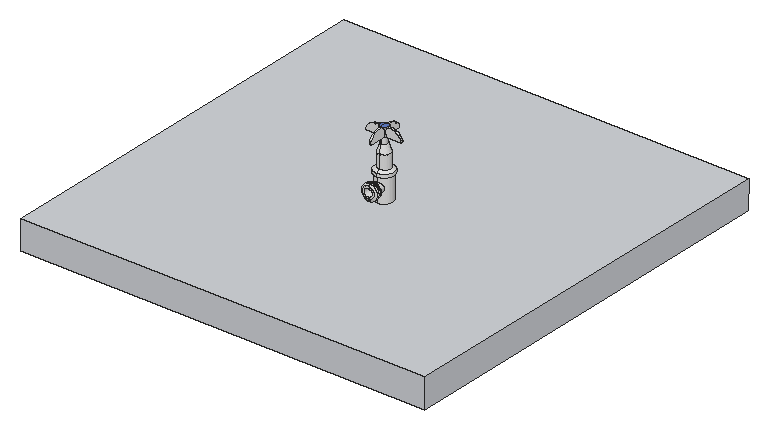
Revit family
Parameters (values of type "49820 (Cold Water, Ceramic Disc)")
  Hot&ColdMaterial = Plastic_Taps_Blue_10800
  WELSRating_ANZRS = "3 star"
  URL = "www.galvinengineering.com.au"
  Type Comments = "Vendal Resistant"
  StyleOrType_ANZRS = "Plumbing Fixture"
  Seating = "1/2 Turn Ceramic Disc"
  PlumbingMaterial_ANZRS = Metal_Taps_DR-Brass-with-Chrome-Finish_10800
  Outlet = "20mm BSP"
  ModifiedIssue_ANZRS = 20120629.01  # constant formula
  Model = "49820"
  Manufacturer = "Galvin Engineering"
  Keynote = "15400"
  Instructions = "http://www.galvinengineering.com.au/Installation_Guides_1.aspx"
  Inlet = "15mm BSP"
  FlowRate = 0.15 L/s
  FilterObject_ANZRS = "Vendal Resistant"
  DimTop = 60 mm  # constant formula
  DimOutletRadius = 10 mm  # constant formula
  DimInletRadius = 7.5 mm  # constant formula
  DimDepth = 115 mm  # constant formula
  Description = "Vandal Resistant Washing Machine Tap - Cold Water"
  Default Elevation = 900 mm
  CreatedBy_ANZRS = "Galvin Engineering"  # constant formula
  CreatedByURL_ANZRS = "www.galvinengineering.com.au"
  CreatedByPhoneNo_ANZRS = "61-8-92495900"  # constant formula
  Assembly Code = "D2010"
Types (5, lengths in mm): name | Hot&ColdMaterial | Seating | Model | Description
  (no name) | Plastic_Taps_Blue_10800 | "1/2 Turn Ceramic Disc" | "49820" | "Vandal Resistant Washing Machine Tap - Cold Water"
  49920 (Cold Water, Jumper Valve) | Plastic_Taps_Blue_10800 | "Jumper Valve" | "49920" | "Vandal Resistant Washing Machine Tap - Cold Water"
  49924 (Hot Water, Jumper Valve) | Plastic_Taps_Red_10800 | "Jumper Valve" | "49924" | "Vandal Resistant Washing Machine Tap - Hot Water"
  49820 (Cold Water, Ceramic Disc) | Plastic_Taps_Blue_10800 | "1/2 Turn Ceramic Disc" | "49820" | "Vandal Resistant Washing Machine Tap - Cold Water"
  49825 (Hot Water, Ceramic Disc) | Plastic_Taps_Red_10800 | "1/2 Turn Ceramic Disc" | "49825" | "Vandal Resistant Washing Machine Tap - Hot Water"
Reference planes
  plane 1 "Center (Front/Back)": y = 0
  plane 2 "Face": z = 0
  plane 3 "Center (Left/Right)": x = 0
  plane 4 "Top1": y = 30
  plane 5: y = -30
  plane 6 "Depth": z = 115
Forms (mm)
  Extrusion 1, solid
    sketch origin (0, -719.2, 0) x (1, 0, 0) y (0, 1, 0)
      loop
        line (-350, 1069.2) -> (-350, 369.2) -> (350, 369.2) -> (350, 1069.2) -> (-350, 1069.2)
    from 0 to -50
  Revolve 2, solid, material "Metal_Taps_DR-Brass-with-Chrome-Finish_10800" <- "PlumbingMaterial_ANZRS"
    sketch origin (0, 28.582, -7.663) x (0, 0.569708, 0.821847) y (0, -0.821847, 0.569708)
      loop
        line (83.634, 92.753) -> (79.414, 98.841)
        arc (79.414, 98.841) -> (78.297, 93.907) -> (74.971, 90.095) r 10.333
        line (74.971, 90.095) -> (68.414, 85.549) -> (67.274, 87.192) -> (58.627, 81.198) -> (57.623, 82.631) -> (44.519, 78.718) -> (25.616, 65.615) -> (18.663, 67.791) -> (14.944, 65.213) -> (16.083, 63.57) -> (-18.246, 39.772) -> (-9.985, 27.856) -> (83.634, 92.753)
      axis (-9.985, 27.856) -> (83.634, 92.753)
    angle from 0 to 360
  Extrusion 3, solid, material "Metal_Taps_DR-Brass-with-Chrome-Finish_10800" <- "PlumbingMaterial_ANZRS"
    sketch origin (0, 28.582, -9.867) x (0, 0.569708, 0.821847) y (0, -0.821847, 0.569708)
      loop
        line (55.27, 108.377) -> (88.313, 60.71)
        arc (88.313, 60.71) -> (88.957, 60.296) -> (89.705, 60.458) r 1
        line (89.705, 60.458) -> (91.349, 61.598)
        spline (91.349, 61.598) -> (92.501, 62.646) -> (93.435, 63.976) -> (94.139, 65.57) -> (94.606, 67.41) -> (94.829, 69.473) -> (94.806, 71.735) -> (94.537, 74.169) -> (94.026, 76.746) -> (93.278, 79.435) -> (92.303, 82.203) -> (91.111, 85.018) -> (89.719, 87.845)
        line (89.719, 87.845) -> (81.173, 100.173)
        spline (81.173, 100.173) -> (79.014, 102.469) -> (76.796, 104.572) -> (74.546, 106.457) -> (72.291, 108.1) -> (70.057, 109.483) -> (67.872, 110.589) -> (65.762, 111.404) -> (63.751, 111.919) -> (61.865, 112.128) -> (60.125, 112.027) -> (58.552, 111.619) -> (57.166, 110.908)
        line (57.166, 110.908) -> (55.522, 109.769)
        arc (55.522, 109.769) -> (55.108, 109.125) -> (55.27, 108.377) r 1
    from -1.5 to 1.5
  Revolve 4, solid, material "Plastic_Taps_Blue_10800" <- "Hot&ColdMaterial"
    sketch origin (0, 28.582, -7.663) x (0, 0.569708, 0.821847) y (0, -0.821847, 0.569708)
      loop
        line (83.634, 92.753) -> (84.527, 93.372)
        spline (84.527, 93.372) -> (84.055, 94.037) -> (83.575, 94.68) -> (83.097, 95.291) -> (82.627, 95.857) -> (82.175, 96.371) -> (81.748, 96.823) -> (81.353, 97.205) -> (80.997, 97.511) -> (80.686, 97.736) -> (80.426, 97.875) -> (80.221, 97.927) -> (80.074, 97.89)
        line (80.074, 97.89) -> (83.634, 92.753)
      axis (83.634, 92.753) -> (84.527, 93.372)
    angle from 0 to 360
  Extrusion 5, solid, material "Metal_Taps_DR-Brass-with-Chrome-Finish_10800" <- "PlumbingMaterial_ANZRS"
    sketch origin (0, 0, 0) x (1, 0, 0) y (0, 0, 1)
      loop
        arc (29, 97.3) -> (29.707, 97.593) -> (30, 98.3) r 1
        line (30, 98.3) -> (30, 100.3)
        spline (30, 100.3) -> (29.794, 101.844) -> (29.234, 103.369) -> (28.325, 104.856) -> (27.079, 106.288) -> (25.51, 107.647) -> (23.638, 108.917) -> (21.485, 110.083) -> (19.076, 111.13) -> (16.44, 112.047) -> (13.609, 112.823) -> (10.617, 113.447) -> (7.5, 113.914)
        line (7.5, 113.914) -> (-7.5, 113.914)
        spline (-7.5, 113.914) -> (-10.617, 113.447) -> (-13.609, 112.823) -> (-16.44, 112.047) -> (-19.076, 111.13) -> (-21.485, 110.083) -> (-23.638, 108.917) -> (-25.51, 107.647) -> (-27.079, 106.288) -> (-28.325, 104.856) -> (-29.234, 103.369) -> (-29.794, 101.844) -> (-30, 100.3)
        line (-30, 100.3) -> (-30, 98.3)
        arc (-30, 98.3) -> (-29.707, 97.593) -> (-29, 97.3) r 1
        line (-29, 97.3) -> (29, 97.3)
    from -1.5 to 1.5
  Revolve 6, solid, material "Metal_Taps_DR-Brass-with-Chrome-Finish_10800" <- "PlumbingMaterial_ANZRS"
    sketch origin (0, -94.089, 146.461) x (0, -0.821847, 0.569708) y (0, -0.569708, -0.821847)
      loop
        line (-151.21, 52.979) -> (-123.431, 72.235) -> (-125.304, 74.936) -> (-128.475, 76.606) -> (-128.083, 73.511) -> (-130.844, 74.965) -> (-130.451, 71.869) -> (-133.212, 73.323) -> (-132.819, 70.227) -> (-134.989, 71.355) -> (-134.073, 70.034)
        arc (-134.073, 70.034) -> (-133.668, 68.164) -> (-134.704, 66.555) r 2.5
        line (-134.704, 66.555) -> (-152.209, 54.421) -> (-151.21, 52.979)
      axis (-147.222, 47.226) -> (-119.443, 66.482)
    angle from 0 to 360
Cuts and joins
  joined: Revolve 2, Revolve 6
Dimensions and locks
  "DimTop": plane 5 to plane 4 "Top1"
  "DimDepth": plane 6 "Depth" to plane 2 "Face"
  aligned and locked: plane 2 "Face" to Extrusion 1
  aligned and locked: level to Extrusion 1
  aligned and locked: plane 1 "Center (Front/Back)" to Revolve 2 sketch curve
  aligned and locked: Revolve 2 sketch curve to plane 1 "Center (Front/Back)"
Automatic sketch dimensions
  Extrusion 1 sketch curve to Extrusion 1 sketch curve = 700 mm  (x2)
  Revolve 2 sketch curve to level = 0 mm
  Revolve 2 sketch curve to Revolve 2 sketch curve = 8.261 mm
  Revolve 2 sketch curve to Revolve 2 sketch curve = 33.19 mm
  Revolve 2 sketch curve to Revolve 2 sketch curve = 1.139 mm  (x2)
  Revolve 2 sketch curve to Revolve 2 sketch curve = 3.719 mm
  Revolve 2 sketch curve to Revolve 2 sketch curve = 6.954 mm
  Revolve 2 sketch curve to Revolve 2 sketch curve = 8.927 mm
  Revolve 2 sketch curve to Revolve 2 sketch curve = 9.976 mm
  Revolve 2 sketch curve to Revolve 2 sketch curve = 13.105 mm
  Revolve 2 sketch curve to Revolve 2 sketch curve = 1.004 mm
  Revolve 2 sketch curve to Revolve 2 sketch curve = 8.647 mm
  Revolve 2 sketch curve to Revolve 2 sketch curve = 1.811 mm
  Revolve 2 sketch curve to Revolve 2 sketch curve = 6.558 mm
  Revolve 2 sketch curve to Revolve 2 sketch curve = 4.443 mm
  Revolve 2 sketch curve to Revolve 2 sketch curve = 4.22 mm
  Revolve 2 sketch curve to Revolve 2 sketch curve = 6.707 mm
  Revolve 2 sketch curve to Revolve 2 sketch curve = 2.176 mm
  Revolve 2 sketch curve to Revolve 2 sketch curve = 19.996 mm
  Revolve 2 sketch curve to Revolve 2 sketch curve = 2.479 mm
  Revolve 2 sketch curve to Revolve 2 sketch curve = 1.434 mm
  Revolve 2 sketch curve to Revolve 2 sketch curve = 4.351 mm
  Extrusion 3 sketch curve to plane 4 "Top1" = 0 mm  (x2)
  plane 5 to Extrusion 3 sketch curve = 1 mm
  Extrusion 3 sketch curve to Extrusion 3 sketch curve = 0.252 mm  (x2)
  Extrusion 3 sketch curve to Extrusion 3 sketch curve = 0.57 mm  (x3)
  Extrusion 3 sketch curve to Extrusion 3 sketch curve = 1.644 mm
  Extrusion 3 sketch curve to Extrusion 3 sketch curve = 18.014 mm
  Extrusion 3 sketch curve to Extrusion 3 sketch curve = 0.168 mm
  Extrusion 3 sketch curve to Extrusion 3 sketch curve = 7.066 mm
  Extrusion 3 sketch curve to Extrusion 3 sketch curve = 14.039 mm
  Extrusion 3 sketch curve to Extrusion 3 sketch curve = 0.822 mm
  Extrusion 3 sketch curve to Extrusion 3 sketch curve = 8.546 mm
  Extrusion 3 sketch curve to Extrusion 3 sketch curve = 1.447 mm
  Extrusion 3 sketch curve to Extrusion 3 sketch curve = 0.094 mm
  Extrusion 3 sketch curve to Extrusion 3 sketch curve = 0.103 mm
  Extrusion 3 sketch curve to Extrusion 3 sketch curve = 0.073 mm
  Extrusion 3 sketch curve to Extrusion 3 sketch curve = 0.221 mm
  Extrusion 3 sketch curve to Extrusion 3 sketch curve = 12.328 mm
  Revolve 4 sketch curve to plane 1 "Center (Front/Back)" = 0 mm  (x4)
  Revolve 4 sketch curve to Revolve 4 sketch curve = 1.28 mm
  Revolve 4 sketch curve to Revolve 4 sketch curve = 4.841 mm
  Revolve 4 sketch curve to Revolve 4 sketch curve = 0.893 mm
  Revolve 4 sketch curve to Revolve 4 sketch curve = 5.529 mm
  level to Extrusion 3 sketch curve = 97.3 mm
  level to Revolve 4 sketch curve = 108.024 mm
  Extrusion 5 sketch curve to plane 6 "Depth" = 14.826 mm
  Extrusion 5 sketch curve to plane 3 "Center (Left/Right)" = 30.001 mm
  Extrusion 5 sketch curve to Extrusion 5 sketch curve = 0.001 mm
  Extrusion 5 sketch curve to Extrusion 5 sketch curve = 0.294 mm
  Extrusion 5 sketch curve to Extrusion 5 sketch curve = 1 mm  (x2)
  Extrusion 5 sketch curve to plane 6 "Depth" = 1.086 mm
  Extrusion 5 sketch curve to plane 3 "Center (Left/Right)" = 7.5 mm
  Extrusion 5 sketch curve to plane 3 "Center (Left/Right)" = 0.148 mm
  plane 3 "Center (Left/Right)" to Extrusion 5 sketch curve = 0.148 mm
  plane 3 "Center (Left/Right)" to Extrusion 5 sketch curve = 7.5 mm
  Extrusion 5 sketch curve to plane 6 "Depth" = 17.7 mm
  Extrusion 5 sketch curve to Extrusion 5 sketch curve = 21.5 mm
  Extrusion 5 sketch curve to Extrusion 5 sketch curve = 0 mm
  Revolve 6 sketch curve to plane 1 "Center (Front/Back)" = 0 mm  (x2)
  level to Revolve 6 sketch curve = 15.021 mm
  Revolve 6 sketch curve to Revolve 6 sketch curve = 1 mm
  Revolve 6 sketch curve to Revolve 6 sketch curve = 16.081 mm
  Revolve 6 sketch curve to Revolve 6 sketch curve = 1.139 mm
  Revolve 6 sketch curve to Revolve 6 sketch curve = 1.424 mm
  Revolve 6 sketch curve to Revolve 6 sketch curve = 0.915 mm
  Revolve 6 sketch curve to Revolve 6 sketch curve = 1.777 mm
  Revolve 6 sketch curve to Revolve 6 sketch curve = 1.254 mm
  Revolve 6 sketch curve to Revolve 6 sketch curve = 3.74 mm
  Revolve 6 sketch curve to Revolve 6 sketch curve = 2.368 mm  (x4)
  Revolve 6 sketch curve to Revolve 6 sketch curve = 1.873 mm
  Revolve 6 sketch curve to Revolve 6 sketch curve = 8.059 mm
  Revolve 6 sketch curve to Revolve 6 sketch curve = 2.055 mm
  Revolve 6 sketch curve to Revolve 6 sketch curve = 0.193 mm
  Revolve 6 sketch curve to Revolve 6 sketch curve = 1.32 mm
  Revolve 6 sketch curve to Revolve 6 sketch curve = 1.642 mm  (x4)
  Revolve 6 sketch curve to Revolve 6 sketch curve = 1.968 mm
  Revolve 6 sketch curve to Revolve 6 sketch curve = 1.426 mm
  Revolve 6 sketch curve to Revolve 6 sketch curve = 10.976 mm
  Revolve 6 sketch curve to Revolve 6 sketch curve = 0.909 mm
Connectors
  piping at (0, -33.8, 23.775), driven by "DimOutletRadius", driven by "FlowRate"
    settings: on cut or joined group of Revolve 2, Revolve 6, index 1, connector radius 0.3937", flow factor 0, pipe flow 0.15 L/s, pressure drop 0.00 psi, fitting loss kfactor 0, connector angle 0.00°, fixture units 0, flow configuration 1, flow direction 2, fitting loss method 4, system type 20, connector reference index -1, connector utility 0, adjustable connector no, is connector primary yes, fitting loss table "", connector description "Outlet"
  piping at (0, 0, 0), driven by "FlowRate", driven by "DimInletRadius"
    settings: on cut or joined group of Revolve 2, Revolve 6, index 2, connector radius 0.29528", flow factor 0, pipe flow 0.15 L/s, pressure drop 0.00 psi, fitting loss kfactor 0, connector angle 0.00°, fixture units 0, flow configuration 1, flow direction 1, fitting loss method 0, system type 20, connector reference index -1, connector utility 0, adjustable connector no, is connector primary no, fitting loss table "", connector description "Inlet"
